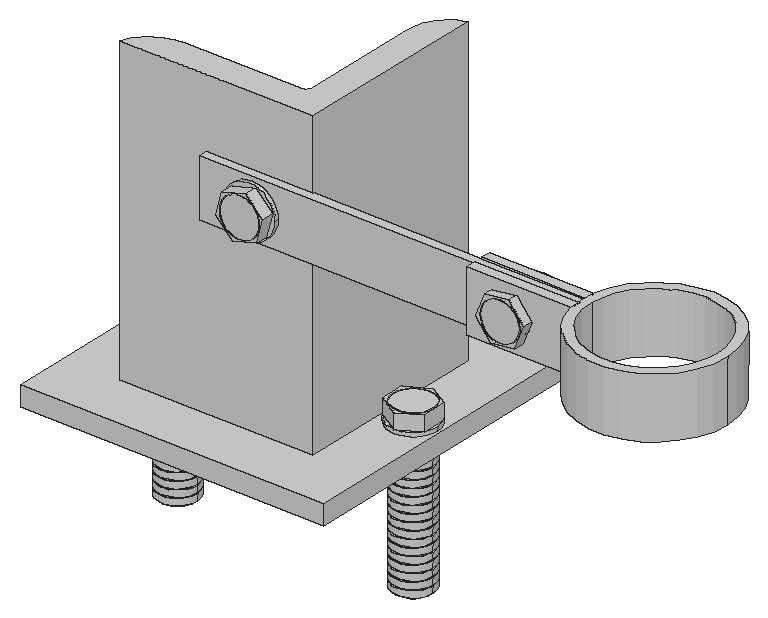
Revit family "FIXAÇÃO TIPO B1  - TUBULAÇÃO DE ENTRADA DO AFLUENTE - PEAD", category Modelos genéricos, Revit 2020
Family settings
  Hospedeiro = Piso
  Pode hospedar o vergalhão = Não
  Cota do conector redondo = Usar raio
  Tipo de parte = Normal
  Sempre na vertical = Sim
  Corte com vazios quando carregada = Não
  Compartilhado = Não
  Ponto de cálculo do ambiente = Não
Parameters
  Raio do conector [instance] = 45 mm
  Material barra chata [instance] = Aço inox AISI 316
  Material Parafuso [instance] = Aço inox AISI 316
  I [instance] = 0.00°
  Elevação padrão = 0 mm
  CNST_PORCAS_2 [instance] = CNST_FIXAÇAO  # 2
  CNST_PORCAS_1 [instance] = CNST_CHUMBADORES  # 2
  CNST_GEN_7 [instance] = ""
  CNST_GEN_6 [instance] = "BARRA CHATA 1/4\" X 2\" X 405 mm"
  CNST_GEN_5 [instance] = "BARRA CHATA 1/2\" X 2\" X 250 mm"
  CNST_GEN_4 [instance] = "CANTONEIRA ABAS IGUAIS 5\" X 3/4\" X 187mm"
  CNST_GEN_3 [instance] = "BARRA LISA 1/2\" x 200 x 200"
  CNST_GEN_2 [instance] = "M8 X 45 + PORCA E ARRUELA LISA M25 - 2 PARES POR SUPORTE"
  CNST_GEN_1 [instance] = "M8 X 110 + PORCA E ARRUELA LISA - 2 PARES POR SUPORTE"
  CNST_FIXAÇAO [instance] = 2
  CNST_CHUMBADORES [instance] = 2
  CNST_ARRUELAS_2 [instance] = 2 * CNST_FIXAÇAO  # 4
  CNST_ARRUELAS_1 [instance] = CNST_CHUMBADORES  # 2
  C1 [instance] = 250 mm
Reference planes
  plane 1 "Centro (Frente/Trás)": y = 0
  plane 2: z = 0
  plane 3 "Centro (Esquerda/Direita)": x = 0
  plane 4: z = 148.606
Forms (mm)
  Extrusion 1, solid, material "Aço inox AISI 316" <- "Material barra chata"
    sketch origin (44.147, 55.975, 0) x (1, 0, 0) y (0, 1, 0)
      loop
        line (-144.147, 47.577) -> (-144.147, -152.423) -> (55.853, -152.423) -> (55.853, 47.577) -> (-144.147, 47.577)
    from 0 to 12.7
  Extrusion 2, solid, material "Aço inox AISI 316" <- "Material barra chata"
    sketch origin (13.548, 3.352, 0) x (-1, 0, 0) y (0, -1, 0)
      loop
        line (77, 63.3) -> (-50, 63.3) -> (-50, -63.7)
        arc (-50, -63.7) -> (-36.226, -53.208) -> (-31, -36.7) r 28.684
        line (-31, -36.7) -> (-31, 41.2)
        arc (-31, 41.2) -> (-30.092, 43.392) -> (-27.9, 44.3) r 3.1
        line (-27.9, 44.3) -> (50, 44.3)
        arc (50, 44.3) -> (66.508, 49.526) -> (77, 63.3) r 28.684
    from 12.7 to 212.7
  Extrusion 3, solid, material "Aço inox AISI 316" <- "Material barra chata"
    sketch origin (-6.167, -66.273, 148.606) x (1, 0, 0) y (0, 0, 1)
      loop
        line (250, 19.932) -> (180.894, 19.932) -> (180.894, -20.043) -> (250, -20.043) -> (250, 19.932)
    from 0 to 6.4
  Extrusion 4, solid, material "Aço inox AISI 316" <- "Material barra chata"
    sketch origin (-6.167, -59.873, 167.506) x (1, 0, 0) y (0, 0, -1)
      loop
        line (250, -1.032) -> (250, 38.943) -> (180.894, 38.943) -> (180.894, -1.032) -> (250, -1.032)
    from 0 to 6.4
  Sweep 5, solid, material "Aço inox AISI 316" <- "Material barra chata"
    path origin (-6.928, -63.073, 167.506) x (1, 0, 0) y (0, 1, 0)
      loop
        circle (297.939, -0.075) r 45
    profile origin (291.011, -18.148, 167.506) x (0, -1, 0) y (0, 0, 1)
      loop
        line (0, 1.482) -> (-3.2, 1.482) -> (-3.2, -38.518) -> (3.2, -38.518) -> (3.2, 1.482) -> (0, 1.482)
  Extrusion 6, solid, material "Aço inox AISI 316" <- "Material Parafuso"
    sketch origin (-6.167, -66.273, 148.606) x (1, 0, 0) y (0, 0, 1)
      loop
        circle (34.617, -0.543) r 13
    from -42.735 to 10.5
  Extrusion 7, solid, material "Aço inox AISI 316" <- "Material Parafuso"
    sketch origin (-6.167, -66.273, 148.606) x (1, 0, 0) y (0, 0, 1)
      loop
        line (38.759, 14.911) -> (23.304, 10.77) -> (19.163, -4.685) -> (30.476, -15.998) -> (45.931, -11.857) -> (50.072, 3.598) -> (38.759, 14.911)
      loop
        circle (34.617, -0.543) r 13
    from 2.538 to 10.5
  Extrusion 8, solid, material "Aço inox AISI 316" <- "Material Parafuso"
    sketch origin (0, 0, 0) x (1, 0, 0) y (0, 1, 0)
      loop
        circle (81.473, 0) r 13
    from -85 to 25
  Extrusion 9, solid, material "Aço inox AISI 316" <- "Material Parafuso"
    sketch origin (0, 0, 0) x (1, 0, 0) y (0, 1, 0)
      loop
        line (81.473, 16) -> (67.617, 8) -> (67.617, -8) -> (81.473, -16) -> (95.329, -8) -> (95.329, 8) -> (81.473, 16)
      loop
        circle (81.473, 0) r 13
    from 15 to 25
  Extrusion 10, void
    sketch origin (0, 0, 0) x (1, 0, 0) y (0, 1, 0)
      loop
        circle (81.473, 0) r 13
      loop
        circle (81.473, 0) r 12.029
    from -85 to -84
  Extrusion 11, void
    sketch origin (0, 0, 5) x (1, 0, 0) y (0, 1, 0)
      loop
        circle (81.473, 0) r 13
      loop
        circle (81.473, 0) r 12.029
    from -85 to -84
  Extrusion 12, void
    sketch origin (0, 0, 10) x (1, 0, 0) y (0, 1, 0)
      loop
        circle (81.473, 0) r 13
      loop
        circle (81.473, 0) r 12.029
    from -85 to -84
  Extrusion 13, void
    sketch origin (0, 0, 15) x (1, 0, 0) y (0, 1, 0)
      loop
        circle (81.473, 0) r 13
      loop
        circle (81.473, 0) r 12.029
    from -85 to -84
  Extrusion 14, void
    sketch origin (0, 0, 20) x (1, 0, 0) y (0, 1, 0)
      loop
        circle (81.473, 0) r 13
      loop
        circle (81.473, 0) r 12.029
    from -85 to -84
  Extrusion 15, void
    sketch origin (0, 0, 25) x (1, 0, 0) y (0, 1, 0)
      loop
        circle (81.473, 0) r 13
      loop
        circle (81.473, 0) r 12.029
    from -85 to -84
  Extrusion 16, void
    sketch origin (0, 0, 30) x (1, 0, 0) y (0, 1, 0)
      loop
        circle (81.473, 0) r 13
      loop
        circle (81.473, 0) r 12.029
    from -85 to -84
  Extrusion 17, void
    sketch origin (0, 0, 35) x (1, 0, 0) y (0, 1, 0)
      loop
        circle (81.473, 0) r 13
      loop
        circle (81.473, 0) r 12.029
    from -85 to -84
  Extrusion 18, void
    sketch origin (0, 0, 40) x (1, 0, 0) y (0, 1, 0)
      loop
        circle (81.473, 0) r 13
      loop
        circle (81.473, 0) r 12.029
    from -85 to -84
  Extrusion 19, void
    sketch origin (0, 0, 45) x (1, 0, 0) y (0, 1, 0)
      loop
        circle (81.473, 0) r 13
      loop
        circle (81.473, 0) r 12.029
    from -85 to -84
  Extrusion 20, void
    sketch origin (0, 0, 50) x (1, 0, 0) y (0, 1, 0)
      loop
        circle (81.473, 0) r 13
      loop
        circle (81.473, 0) r 12.029
    from -85 to -84
  Extrusion 21, void
    sketch origin (0, 0, 55) x (1, 0, 0) y (0, 1, 0)
      loop
        circle (81.473, 0) r 13
      loop
        circle (81.473, 0) r 12.029
    from -85 to -84
  Extrusion 22, void
    sketch origin (0, 0, 60) x (1, 0, 0) y (0, 1, 0)
      loop
        circle (81.473, 0) r 13
      loop
        circle (81.473, 0) r 12.029
    from -85 to -84
  Extrusion 23, void
    sketch origin (0, 0, 65) x (1, 0, 0) y (0, 1, 0)
      loop
        circle (81.473, 0) r 13
      loop
        circle (81.473, 0) r 12.029
    from -85 to -84
  Extrusion 24, void
    sketch origin (0, 0, 70) x (1, 0, 0) y (0, 1, 0)
      loop
        circle (81.473, 0) r 13
      loop
        circle (81.473, 0) r 12.029
    from -85 to -84
  Extrusion 25, void
    sketch origin (0, 0, 75) x (1, 0, 0) y (0, 1, 0)
      loop
        circle (81.473, 0) r 13
      loop
        circle (81.473, 0) r 12.029
    from -85 to -84
  Extrusion 26, void
    sketch origin (0, 0, 80) x (1, 0, 0) y (0, 1, 0)
      loop
        circle (81.473, 0) r 13
      loop
        circle (81.473, 0) r 12.029
    from -85 to -84
  Extrusion 27, void
    sketch origin (0, 0, 85) x (1, 0, 0) y (0, 1, 0)
      loop
        circle (81.473, 0) r 13
      loop
        circle (81.473, 0) r 12.029
    from -85 to -84
  Extrusion 28, void
    sketch origin (0, 0, 90) x (1, 0, 0) y (0, 1, 0)
      loop
        circle (81.473, 0) r 13
      loop
        circle (81.473, 0) r 12.029
    from -85 to -84
  Extrusion 29, void
    sketch origin (0, 0, 95) x (1, 0, 0) y (0, 1, 0)
      loop
        circle (81.473, 0) r 13
      loop
        circle (81.473, 0) r 12.029
    from -85 to -84
  Extrusion 30, void
    sketch origin (0, 0, 100) x (1, 0, 0) y (0, 1, 0)
      loop
        circle (81.473, 0) r 13
      loop
        circle (81.473, 0) r 12.029
    from -85 to -84
  Extrusion 31, solid, material "Aço inox AISI 316" <- "Material Parafuso"
    sketch origin (-155, 0, 0) x (1, 0, 0) y (0, 1, 0)
      loop
        circle (81.473, 0) r 13
    from -85 to 25
  Extrusion 32, solid, material "Aço inox AISI 316" <- "Material Parafuso"
    sketch origin (-155, 0, 0) x (1, 0, 0) y (0, 1, 0)
      loop
        line (81.473, 16) -> (67.617, 8) -> (67.617, -8) -> (81.473, -16) -> (95.329, -8) -> (95.329, 8) -> (81.473, 16)
      loop
        circle (81.473, 0) r 13
    from 15 to 25
  Extrusion 33, void
    sketch origin (-155, 0, 0) x (1, 0, 0) y (0, 1, 0)
      loop
        circle (81.473, 0) r 13
      loop
        circle (81.473, 0) r 12.029
    from -85 to -84
  Extrusion 34, void
    sketch origin (-155, 0, 5) x (1, 0, 0) y (0, 1, 0)
      loop
        circle (81.473, 0) r 13
      loop
        circle (81.473, 0) r 12.029
    from -85 to -84
  Extrusion 35, void
    sketch origin (-155, 0, 10) x (1, 0, 0) y (0, 1, 0)
      loop
        circle (81.473, 0) r 13
      loop
        circle (81.473, 0) r 12.029
    from -85 to -84
  Extrusion 36, void
    sketch origin (-155, 0, 15) x (1, 0, 0) y (0, 1, 0)
      loop
        circle (81.473, 0) r 13
      loop
        circle (81.473, 0) r 12.029
    from -85 to -84
  Extrusion 37, void
    sketch origin (-155, 0, 20) x (1, 0, 0) y (0, 1, 0)
      loop
        circle (81.473, 0) r 13
      loop
        circle (81.473, 0) r 12.029
    from -85 to -84
  Extrusion 38, void
    sketch origin (-155, 0, 25) x (1, 0, 0) y (0, 1, 0)
      loop
        circle (81.473, 0) r 13
      loop
        circle (81.473, 0) r 12.029
    from -85 to -84
  Extrusion 39, void
    sketch origin (-155, 0, 30) x (1, 0, 0) y (0, 1, 0)
      loop
        circle (81.473, 0) r 13
      loop
        circle (81.473, 0) r 12.029
    from -85 to -84
  Extrusion 40, void
    sketch origin (-155, 0, 35) x (1, 0, 0) y (0, 1, 0)
      loop
        circle (81.473, 0) r 13
      loop
        circle (81.473, 0) r 12.029
    from -85 to -84
  Extrusion 41, void
    sketch origin (-155, 0, 40) x (1, 0, 0) y (0, 1, 0)
      loop
        circle (81.473, 0) r 13
      loop
        circle (81.473, 0) r 12.029
    from -85 to -84
  Extrusion 42, void
    sketch origin (-155, 0, 45) x (1, 0, 0) y (0, 1, 0)
      loop
        circle (81.473, 0) r 13
      loop
        circle (81.473, 0) r 12.029
    from -85 to -84
  Extrusion 43, void
    sketch origin (-155, 0, 50) x (1, 0, 0) y (0, 1, 0)
      loop
        circle (81.473, 0) r 13
      loop
        circle (81.473, 0) r 12.029
    from -85 to -84
  Extrusion 44, void
    sketch origin (-155, 0, 55) x (1, 0, 0) y (0, 1, 0)
      loop
        circle (81.473, 0) r 13
      loop
        circle (81.473, 0) r 12.029
    from -85 to -84
  Extrusion 45, void
    sketch origin (-155, 0, 60) x (1, 0, 0) y (0, 1, 0)
      loop
        circle (81.473, 0) r 13
      loop
        circle (81.473, 0) r 12.029
    from -85 to -84
  Extrusion 46, void
    sketch origin (-155, 0, 65) x (1, 0, 0) y (0, 1, 0)
      loop
        circle (81.473, 0) r 13
      loop
        circle (81.473, 0) r 12.029
    from -85 to -84
  Extrusion 47, void
    sketch origin (-155, 0, 70) x (1, 0, 0) y (0, 1, 0)
      loop
        circle (81.473, 0) r 13
      loop
        circle (81.473, 0) r 12.029
    from -85 to -84
  Extrusion 48, void
    sketch origin (-155, 0, 75) x (1, 0, 0) y (0, 1, 0)
      loop
        circle (81.473, 0) r 13
      loop
        circle (81.473, 0) r 12.029
    from -85 to -84
  Extrusion 49, void
    sketch origin (-155, 0, 80) x (1, 0, 0) y (0, 1, 0)
      loop
        circle (81.473, 0) r 13
      loop
        circle (81.473, 0) r 12.029
    from -85 to -84
  Extrusion 50, void
    sketch origin (-155, 0, 85) x (1, 0, 0) y (0, 1, 0)
      loop
        circle (81.473, 0) r 13
      loop
        circle (81.473, 0) r 12.029
    from -85 to -84
  Extrusion 51, void
    sketch origin (-155, 0, 90) x (1, 0, 0) y (0, 1, 0)
      loop
        circle (81.473, 0) r 13
      loop
        circle (81.473, 0) r 12.029
    from -85 to -84
  Extrusion 52, void
    sketch origin (-155, 0, 95) x (1, 0, 0) y (0, 1, 0)
      loop
        circle (81.473, 0) r 13
      loop
        circle (81.473, 0) r 12.029
    from -85 to -84
  Extrusion 53, void
    sketch origin (-155, 0, 100) x (1, 0, 0) y (0, 1, 0)
      loop
        circle (81.473, 0) r 13
      loop
        circle (81.473, 0) r 12.029
    from -85 to -84
  Extrusion 54, solid, material "Aço inox AISI 316" <- "Material Parafuso"
    sketch origin (-155, 0, 24.375) x (1, 0, 0) y (0, 1, 0)
      loop
        circle (81.473, 0) r 16
      loop
        circle (81.473, 0) r 13
    from -11.675 to -9.065
  Extrusion 55, solid, material "Aço inox AISI 316" <- "Material Parafuso"
    sketch origin (-0.001, 0.009, 24.141) x (1, 0, 0) y (0, 1, 0)
      loop
        circle (81.473, 0) r 16
      loop
        circle (81.473, 0) r 13
    from -11.5 to -9.008
  Extrusion 56, solid, material "Aço inox AISI 316" <- "Material Parafuso"
    sketch origin (-6.167, -66.273, 148.606) x (1, 0, 0) y (0, 0, 1)
      loop
        circle (34.595, -0.654) r 16.995
      loop
        circle (34.595, -0.654) r 13.425
    from 0 to 2.538
  Extrusion 57, solid, material "Aço inox AISI 316" <- "Material Parafuso"
    sketch origin (-6.167, -59.873, 167.506) x (1, 0, 0) y (0, 0, -1)
      loop
        line (38.759, 3.989) -> (50.072, 15.302) -> (45.931, 30.757) -> (30.476, 34.898) -> (19.163, 23.585) -> (23.304, 8.13) -> (38.759, 3.989)
      loop
        circle (34.617, 19.443) r 13
    from 21.4 to 31.4
  Extrusion 58, solid, material "Aço inox AISI 316" <- "Material Parafuso"
    sketch origin (-6.167, -59.873, 167.506) x (1, 0, 0) y (0, 0, -1)
      loop
        circle (34.514, 19.856) r 16.995
      loop
        circle (34.514, 19.856) r 13.425
    from 18.925 to 21.4
  Extrusion 59, solid, material "Aço inox AISI 316" <- "Material Parafuso"
    sketch origin (-6.167, -66.273, 148.606) x (1, 0, 0) y (0, 0, 1)
      loop
        circle (207.886, -0.128) r 13
    from -23.481 to 12.788
  Extrusion 60, solid, material "Aço inox AISI 316" <- "Material Parafuso"
    sketch origin (-6.167, -66.273, 148.606) x (1, 0, 0) y (0, 0, 1)
      loop
        line (213.879, 14.707) -> (198.035, 12.48) -> (192.041, -2.355) -> (201.892, -14.963) -> (217.736, -12.736) -> (223.73, 2.099) -> (213.879, 14.707)
      loop
        circle (207.886, -0.128) r 13
    from 2.773 to 12.788
  Extrusion 61, solid, material "Aço inox AISI 316" <- "Material Parafuso"
    sketch origin (-6.167, -66.273, 148.606) x (1, 0, 0) y (0, 0, 1)
      loop
        circle (207.733, -0.525) r 16.995
      loop
        circle (207.733, -0.525) r 13.425
    from 0 to 2.773
  Extrusion 62, solid, material "Aço inox AISI 316" <- "Material Parafuso"
    sketch origin (-6.167, -59.873, 167.506) x (1, 0, 0) y (0, 0, -1)
      loop
        line (213.733, 4.556) -> (223.583, 17.164) -> (217.59, 31.999) -> (201.745, 34.226) -> (191.895, 21.617) -> (197.889, 6.783) -> (213.733, 4.556)
      loop
        circle (207.739, 19.391) r 13
    from 2.5 to 12.5
  Extrusion 63, solid, material "Aço inox AISI 316" <- "Material Parafuso"
    sketch origin (-6.167, -59.873, 167.506) x (1, 0, 0) y (0, 0, -1)
      loop
        circle (207.583, 19.797) r 16.995
      loop
        circle (207.583, 19.797) r 13.425
    from 0 to 2.5
  Sweep 64, solid, material "Aço inox AISI 316" <- "Material barra chata"
    path origin (-62.827, -59.948, 0.312) x (1, 0, 0) y (0, 0, 1)
      loop
        line (56.66, 148.294) -> (306.66, 148.294)
    profile origin (118.833, -59.948, 148.606) x (0, 0, 1) y (0, -1, 0)
      loop
        line (0, 6.325) -> (-18.9, 6.325) -> (-18.9, -0.075) -> (18.9, -0.075) -> (18.9, 3.125) -> (18.9, 6.325) -> (0, 6.325)
Cuts and joins
  Extrusion 10, Extrusion 27, Extrusion 28, Extrusion 29, Extrusion 50, Extrusion 51, Extrusion 52 cuts Extrusion 1
  Extrusion 10, Extrusion 11, Extrusion 12, Extrusion 13, Extrusion 14, Extrusion 15, Extrusion 16, Extrusion 17, Extrusion 18, Extrusion 19, Extrusion 20, Extrusion 21, Extrusion 22, Extrusion 23, Extrusion 24, Extrusion 25, Extrusion 26, Extrusion 27, Extrusion 28, Extrusion 29, Extrusion 30, Extrusion 33, Extrusion 34, Extrusion 35, Extrusion 36, Extrusion 37, Extrusion 38, Extrusion 39, Extrusion 40, Extrusion 41, Extrusion 42, Extrusion 43, Extrusion 44, Extrusion 45, Extrusion 46, Extrusion 47, Extrusion 48, Extrusion 49, Extrusion 50, Extrusion 51, Extrusion 52, Extrusion 53 cuts Extrusion 8
  Extrusion 10, Extrusion 30, Extrusion 53 cuts Extrusion 9
  Extrusion 33, Extrusion 34, Extrusion 35, Extrusion 36, Extrusion 37, Extrusion 38, Extrusion 39, Extrusion 40, Extrusion 41, Extrusion 42, Extrusion 43, Extrusion 44, Extrusion 45, Extrusion 46, Extrusion 47, Extrusion 48, Extrusion 49 cuts Extrusion 31
  Extrusion 53 cuts Extrusion 32
  joined: Sweep 5, Sweep 64
Lines and regions (mm)
  reference lines
    curve 1: line (-30, -59.948, 0) -> (-30, -96.448, 0)
    curve 2: line (63.548, 67.052, 0) -> (63.548, 103.552, 0)
    curve 3: line (81.473, 13, 0) -> (81.473, -13, 0)
    curve 4: line (68.473, 0, 0) -> (94.473, 0, 0)
Dimensions and locks
  "C1": Sweep 64 sketch curve to Sweep 64 sketch curve
  "I": angle plane 4 to Sweep 64 sketch curve
  aligned and locked: level to plane 2
  aligned and locked: plane 4 to Sweep 64 sketch curve
Automatic sketch dimensions
  Extrusion 1 sketch curve to plane 3 "Centro (Esquerda/Direita)" = 100 mm
  plane 3 "Centro (Esquerda/Direita)" to Extrusion 1 sketch curve = 100 mm
  plane 1 "Centro (Frente/Trás)" to Extrusion 1 sketch curve = 96.448 mm
  Extrusion 1 sketch curve to plane 1 "Centro (Frente/Trás)" = 103.552 mm
  plane 1 "Centro (Frente/Trás)" to curve 4 = 0 mm
  curve 1 to plane 3 "Centro (Esquerda/Direita)" = 30 mm
  plane 3 "Centro (Esquerda/Direita)" to curve 2 = 63.548 mm
  curve 2 to curve 4 = 4.925 mm
  curve 4 to curve 3 = 13 mm
  curve 3 to curve 4 = 13 mm
  plane 1 "Centro (Frente/Trás)" to curve 3 = 13 mm
  plane 1 "Centro (Frente/Trás)" to curve 1 = 59.948 mm
  curve 1 to curve 1 = 36.5 mm
  curve 3 to plane 1 "Centro (Frente/Trás)" = 13 mm
  curve 3 to curve 2 = 54.052 mm
  curve 2 to curve 2 = 36.5 mm
  Extrusion 2 sketch curve to plane 3 "Centro (Esquerda/Direita)" = 73.232 mm
  Extrusion 2 sketch curve to Extrusion 2 sketch curve = 9.684 mm
  Extrusion 2 sketch curve to Extrusion 2 sketch curve = 19 mm
  Extrusion 2 sketch curve to Extrusion 2 sketch curve = 3.1 mm
  plane 3 "Centro (Esquerda/Direita)" to Extrusion 2 sketch curve = 36.452 mm
  Extrusion 2 sketch curve to Extrusion 2 sketch curve = 27 mm
  Extrusion 2 sketch curve to plane 1 "Centro (Frente/Trás)" = 69.632 mm
  Extrusion 2 sketch curve to plane 1 "Centro (Frente/Trás)" = 59.948 mm
  plane 1 "Centro (Frente/Trás)" to Extrusion 2 sketch curve = 40.052 mm
  Sweep 5 sketch curve to profile plane = 0 mm
  profile plane to Sweep 5 sketch curve = 3.2 mm
  Sweep 5 sketch curve to profile plane = 3.2 mm
  Sweep 5 sketch curve to profile plane = 38.518 mm
  profile plane to Sweep 5 sketch curve = 1.482 mm
  plane 1 "Centro (Frente/Trás)" to Extrusion 8 sketch curve = 0 mm
  plane 3 "Centro (Esquerda/Direita)" to Extrusion 8 sketch curve = 81.473 mm
  plane 1 "Centro (Frente/Trás)" to Extrusion 9 sketch curve = 0 mm
  Extrusion 9 sketch curve to plane 1 "Centro (Frente/Trás)" = 8 mm  (x2)
  plane 3 "Centro (Esquerda/Direita)" to Extrusion 9 sketch curve = 67.617 mm
  Extrusion 9 sketch curve to plane 1 "Centro (Frente/Trás)" = 16 mm
  Extrusion 9 sketch curve to Extrusion 9 sketch curve = 13.856 mm  (x3)
  plane 1 "Centro (Frente/Trás)" to Extrusion 9 sketch curve = 16 mm
  Extrusion 9 sketch curve to Extrusion 9 sketch curve = 0 mm
  plane 1 "Centro (Frente/Trás)" to Extrusion 9 sketch curve = 8 mm  (x2)
  plane 1 "Centro (Frente/Trás)" to Extrusion 31 sketch curve = 0 mm
  Extrusion 31 sketch curve to plane 3 "Centro (Esquerda/Direita)" = 73.527 mm
  plane 1 "Centro (Frente/Trás)" to Extrusion 32 sketch curve = 0 mm
  Extrusion 32 sketch curve to plane 1 "Centro (Frente/Trás)" = 8 mm  (x2)
  Extrusion 32 sketch curve to plane 3 "Centro (Esquerda/Direita)" = 87.383 mm
  Extrusion 32 sketch curve to plane 1 "Centro (Frente/Trás)" = 16 mm
  Extrusion 32 sketch curve to Extrusion 32 sketch curve = 13.856 mm  (x3)
  plane 1 "Centro (Frente/Trás)" to Extrusion 32 sketch curve = 16 mm
  Extrusion 32 sketch curve to Extrusion 32 sketch curve = 0 mm
  plane 1 "Centro (Frente/Trás)" to Extrusion 32 sketch curve = 8 mm  (x2)
  Extrusion 33 sketch curve to Extrusion 33 sketch curve = 0 mm  (x2)
  plane 1 "Centro (Frente/Trás)" to Extrusion 33 sketch curve = 0 mm
  Extrusion 33 sketch curve to plane 3 "Centro (Esquerda/Direita)" = 73.527 mm
  Extrusion 34 sketch curve to Extrusion 34 sketch curve = 0 mm  (x2)
  plane 1 "Centro (Frente/Trás)" to Extrusion 34 sketch curve = 0 mm
  Extrusion 34 sketch curve to plane 3 "Centro (Esquerda/Direita)" = 73.527 mm
  Extrusion 35 sketch curve to Extrusion 35 sketch curve = 0 mm  (x2)
  plane 1 "Centro (Frente/Trás)" to Extrusion 35 sketch curve = 0 mm
  Extrusion 35 sketch curve to plane 3 "Centro (Esquerda/Direita)" = 73.527 mm
  Extrusion 36 sketch curve to Extrusion 36 sketch curve = 0 mm  (x2)
  plane 1 "Centro (Frente/Trás)" to Extrusion 36 sketch curve = 0 mm
  Extrusion 36 sketch curve to plane 3 "Centro (Esquerda/Direita)" = 73.527 mm
  Extrusion 37 sketch curve to Extrusion 37 sketch curve = 0 mm  (x2)
  plane 1 "Centro (Frente/Trás)" to Extrusion 37 sketch curve = 0 mm
  Extrusion 37 sketch curve to plane 3 "Centro (Esquerda/Direita)" = 73.527 mm
  Extrusion 38 sketch curve to Extrusion 38 sketch curve = 0 mm  (x2)
  plane 1 "Centro (Frente/Trás)" to Extrusion 38 sketch curve = 0 mm
  Extrusion 38 sketch curve to plane 3 "Centro (Esquerda/Direita)" = 73.527 mm
  Extrusion 39 sketch curve to Extrusion 39 sketch curve = 0 mm  (x2)
  plane 1 "Centro (Frente/Trás)" to Extrusion 39 sketch curve = 0 mm
  Extrusion 39 sketch curve to plane 3 "Centro (Esquerda/Direita)" = 73.527 mm
  Extrusion 40 sketch curve to Extrusion 40 sketch curve = 0 mm  (x2)
  plane 1 "Centro (Frente/Trás)" to Extrusion 40 sketch curve = 0 mm
  Extrusion 40 sketch curve to plane 3 "Centro (Esquerda/Direita)" = 73.527 mm
  Extrusion 41 sketch curve to Extrusion 41 sketch curve = 0 mm  (x2)
  plane 1 "Centro (Frente/Trás)" to Extrusion 41 sketch curve = 0 mm
  Extrusion 41 sketch curve to plane 3 "Centro (Esquerda/Direita)" = 73.527 mm
  Extrusion 42 sketch curve to Extrusion 42 sketch curve = 0 mm  (x2)
  plane 1 "Centro (Frente/Trás)" to Extrusion 42 sketch curve = 0 mm
  Extrusion 42 sketch curve to plane 3 "Centro (Esquerda/Direita)" = 73.527 mm
  Extrusion 43 sketch curve to Extrusion 43 sketch curve = 0 mm  (x2)
  plane 1 "Centro (Frente/Trás)" to Extrusion 43 sketch curve = 0 mm
  Extrusion 43 sketch curve to plane 3 "Centro (Esquerda/Direita)" = 73.527 mm
  Extrusion 44 sketch curve to Extrusion 44 sketch curve = 0 mm  (x2)
  plane 1 "Centro (Frente/Trás)" to Extrusion 44 sketch curve = 0 mm
  Extrusion 44 sketch curve to plane 3 "Centro (Esquerda/Direita)" = 73.527 mm
  Extrusion 45 sketch curve to Extrusion 45 sketch curve = 0 mm  (x2)
  plane 1 "Centro (Frente/Trás)" to Extrusion 45 sketch curve = 0 mm
  Extrusion 45 sketch curve to plane 3 "Centro (Esquerda/Direita)" = 73.527 mm
  Extrusion 46 sketch curve to Extrusion 46 sketch curve = 0 mm  (x2)
  plane 1 "Centro (Frente/Trás)" to Extrusion 46 sketch curve = 0 mm
  Extrusion 46 sketch curve to plane 3 "Centro (Esquerda/Direita)" = 73.527 mm
  Extrusion 47 sketch curve to Extrusion 47 sketch curve = 0 mm  (x2)
  plane 1 "Centro (Frente/Trás)" to Extrusion 47 sketch curve = 0 mm
  Extrusion 47 sketch curve to plane 3 "Centro (Esquerda/Direita)" = 73.527 mm
  Extrusion 48 sketch curve to Extrusion 48 sketch curve = 0 mm  (x2)
  plane 1 "Centro (Frente/Trás)" to Extrusion 48 sketch curve = 0 mm
  Extrusion 48 sketch curve to plane 3 "Centro (Esquerda/Direita)" = 73.527 mm
  Extrusion 49 sketch curve to Extrusion 49 sketch curve = 0 mm  (x2)
  plane 1 "Centro (Frente/Trás)" to Extrusion 49 sketch curve = 0 mm
  Extrusion 49 sketch curve to plane 3 "Centro (Esquerda/Direita)" = 73.527 mm
  Extrusion 50 sketch curve to Extrusion 50 sketch curve = 0 mm  (x2)
  plane 1 "Centro (Frente/Trás)" to Extrusion 50 sketch curve = 0 mm
  Extrusion 50 sketch curve to plane 3 "Centro (Esquerda/Direita)" = 73.527 mm
  Extrusion 51 sketch curve to Extrusion 51 sketch curve = 0 mm  (x2)
  plane 1 "Centro (Frente/Trás)" to Extrusion 51 sketch curve = 0 mm
  Extrusion 51 sketch curve to plane 3 "Centro (Esquerda/Direita)" = 73.527 mm
  Extrusion 52 sketch curve to Extrusion 52 sketch curve = 0 mm  (x2)
  plane 1 "Centro (Frente/Trás)" to Extrusion 52 sketch curve = 0 mm
  Extrusion 52 sketch curve to plane 3 "Centro (Esquerda/Direita)" = 73.527 mm
  Extrusion 53 sketch curve to Extrusion 53 sketch curve = 0 mm  (x2)
  plane 1 "Centro (Frente/Trás)" to Extrusion 53 sketch curve = 0 mm
  Extrusion 53 sketch curve to plane 3 "Centro (Esquerda/Direita)" = 73.527 mm
  Extrusion 54 sketch curve to Extrusion 54 sketch curve = 0 mm  (x2)
  plane 1 "Centro (Frente/Trás)" to Extrusion 54 sketch curve = 0 mm
  Extrusion 54 sketch curve to plane 3 "Centro (Esquerda/Direita)" = 73.527 mm
  Extrusion 55 sketch curve to Extrusion 55 sketch curve = 0 mm  (x2)
  Extrusion 55 sketch curve to plane 1 "Centro (Frente/Trás)" = 0.009 mm
  plane 3 "Centro (Esquerda/Direita)" to Extrusion 55 sketch curve = 81.472 mm
  Sweep 64 sketch curve to profile plane = 0 mm
  profile plane to Sweep 64 sketch curve = 3.125 mm
  profile plane to Sweep 64 sketch curve = 6.325 mm
  Sweep 64 sketch curve to Sweep 64 sketch curve = 18.9 mm
  Sweep 64 sketch curve to profile plane = 18.9 mm
  Sweep 64 sketch curve to profile plane = 0.075 mm
  Sweep 64 to Extrusion 3 sketch curve = 1.032 mm
  Sweep 64 to Extrusion 3 sketch curve = 69.106 mm
  Sweep 64 to Extrusion 3 sketch curve = 1.143 mm
  Extrusion 3 sketch curve to Sweep 64 = 0 mm
  Extrusion 4 sketch curve to Sweep 64 = 1.032 mm
  Sweep 64 to Extrusion 4 sketch curve = 69.106 mm
  Sweep 64 to Extrusion 4 sketch curve = 1.143 mm
  Sweep 64 to Extrusion 4 sketch curve = 0 mm
  Extrusion 61 sketch curve to Extrusion 61 sketch curve = 0 mm  (x2)
  Extrusion 61 sketch curve to Sweep 64 = 18.375 mm
  Sweep 64 to Extrusion 61 sketch curve = 42.267 mm
  Extrusion 60 sketch curve to Sweep 64 = 16.545 mm
  Sweep 64 to Extrusion 60 sketch curve = 57.959 mm
  Extrusion 60 sketch curve to Sweep 64 = 6.42 mm
  Extrusion 60 sketch curve to Extrusion 60 sketch curve = 5.994 mm  (x2)
  Extrusion 60 sketch curve to Sweep 64 = 3.937 mm
  Extrusion 60 sketch curve to Extrusion 60 sketch curve = 9.851 mm  (x3)
  Extrusion 60 sketch curve to Sweep 64 = 4.193 mm
  Extrusion 60 sketch curve to Sweep 64 = 6.164 mm
  Extrusion 60 sketch curve to Extrusion 60 sketch curve = 15.844 mm
  Extrusion 60 sketch curve to Extrusion 60 sketch curve = 12.608 mm  (x2)
  Extrusion 63 sketch curve to Extrusion 63 sketch curve = 0 mm  (x2)
  Extrusion 63 sketch curve to Sweep 64 = 18.003 mm
  Sweep 64 to Extrusion 63 sketch curve = 42.417 mm
  Extrusion 62 sketch curve to Sweep 64 = 16.183 mm
  Sweep 64 to Extrusion 62 sketch curve = 58.105 mm
  Sweep 64 to Extrusion 62 sketch curve = 6.783 mm
  Extrusion 62 sketch curve to Extrusion 62 sketch curve = 5.994 mm  (x2)
  Extrusion 62 sketch curve to Sweep 64 = 3.574 mm
  Extrusion 62 sketch curve to Extrusion 62 sketch curve = 9.851 mm  (x3)
  Sweep 64 to Extrusion 62 sketch curve = 4.556 mm
  Extrusion 62 sketch curve to Sweep 64 = 5.801 mm
  Extrusion 62 sketch curve to Extrusion 62 sketch curve = 15.844 mm
  Extrusion 62 sketch curve to Extrusion 62 sketch curve = 12.608 mm  (x2)
  Extrusion 59 sketch curve to Sweep 64 = 18.772 mm
  Sweep 64 to Extrusion 59 sketch curve = 42.114 mm
  Sweep 64 to Extrusion 7 sketch curve = 19.163 mm
  Extrusion 7 sketch curve to Sweep 64 = 8.13 mm
  Extrusion 7 sketch curve to Extrusion 7 sketch curve = 4.141 mm  (x2)
  Extrusion 7 sketch curve to Sweep 64 = 2.902 mm
  Extrusion 7 sketch curve to Extrusion 7 sketch curve = 11.314 mm  (x4)
  Extrusion 7 sketch curve to Sweep 64 = 3.989 mm
  Extrusion 7 sketch curve to Sweep 64 = 7.043 mm
  Extrusion 7 sketch curve to Extrusion 7 sketch curve = 15.455 mm
  Extrusion 7 sketch curve to Sweep 64 = 15.302 mm
  Extrusion 7 sketch curve to Sweep 64 = 14.215 mm
  Sweep 64 to Extrusion 6 sketch curve = 34.617 mm
  Extrusion 6 sketch curve to Sweep 64 = 18.357 mm
  Extrusion 56 sketch curve to Extrusion 56 sketch curve = 0 mm  (x2)
  Sweep 64 to Extrusion 56 sketch curve = 34.595 mm
  Extrusion 56 sketch curve to Sweep 64 = 18.246 mm
  Extrusion 58 sketch curve to Extrusion 58 sketch curve = 0 mm  (x2)
  Sweep 64 to Extrusion 58 sketch curve = 34.514 mm
  Extrusion 58 sketch curve to Sweep 64 = 17.944 mm
  Sweep 64 to Extrusion 57 sketch curve = 19.163 mm
  Sweep 64 to Extrusion 57 sketch curve = 8.13 mm
  Extrusion 57 sketch curve to Extrusion 57 sketch curve = 4.141 mm  (x2)
  Extrusion 57 sketch curve to Sweep 64 = 2.902 mm
  Extrusion 57 sketch curve to Extrusion 57 sketch curve = 11.314 mm  (x4)
  Sweep 64 to Extrusion 57 sketch curve = 3.989 mm
  Extrusion 57 sketch curve to Sweep 64 = 7.043 mm
  Extrusion 57 sketch curve to Extrusion 57 sketch curve = 15.455 mm
  Sweep 64 to Extrusion 57 sketch curve = 15.302 mm
  Extrusion 57 sketch curve to Sweep 64 = 14.215 mm
  Sweep 64 to Sweep 5 sketch curve = 3.125 mm
  Sweep 5 sketch curve to Sweep 64 = 47.178 mm
  Sweep 64 sketch curve to Extrusion 2 = 57.285 mm
  radius of Extrusion 8 sketch curve = 13 mm
  radius of Extrusion 9 sketch curve = 13 mm
  radius of Extrusion 31 sketch curve = 13 mm
  radius of Extrusion 32 sketch curve = 13 mm
  radius of Extrusion 33 sketch curve = 13 mm
  radius of Extrusion 33 sketch curve = 12.029 mm
  radius of Extrusion 34 sketch curve = 13 mm
  radius of Extrusion 34 sketch curve = 12.029 mm
  radius of Extrusion 35 sketch curve = 13 mm
  radius of Extrusion 35 sketch curve = 12.029 mm
  radius of Extrusion 36 sketch curve = 13 mm
  radius of Extrusion 36 sketch curve = 12.029 mm
  radius of Extrusion 37 sketch curve = 13 mm
  radius of Extrusion 37 sketch curve = 12.029 mm
  radius of Extrusion 38 sketch curve = 13 mm
  radius of Extrusion 38 sketch curve = 12.029 mm
  radius of Extrusion 39 sketch curve = 13 mm
  radius of Extrusion 39 sketch curve = 12.029 mm
  radius of Extrusion 40 sketch curve = 13 mm
  radius of Extrusion 40 sketch curve = 12.029 mm
  radius of Extrusion 41 sketch curve = 13 mm
  radius of Extrusion 41 sketch curve = 12.029 mm
  radius of Extrusion 42 sketch curve = 13 mm
  radius of Extrusion 42 sketch curve = 12.029 mm
  radius of Extrusion 43 sketch curve = 13 mm
  radius of Extrusion 43 sketch curve = 12.029 mm
  radius of Extrusion 44 sketch curve = 13 mm
  radius of Extrusion 44 sketch curve = 12.029 mm
  radius of Extrusion 45 sketch curve = 13 mm
  radius of Extrusion 45 sketch curve = 12.029 mm
  radius of Extrusion 46 sketch curve = 13 mm
  radius of Extrusion 46 sketch curve = 12.029 mm
  radius of Extrusion 47 sketch curve = 13 mm
  radius of Extrusion 47 sketch curve = 12.029 mm
  radius of Extrusion 48 sketch curve = 13 mm
  radius of Extrusion 48 sketch curve = 12.029 mm
  radius of Extrusion 49 sketch curve = 13 mm
  radius of Extrusion 49 sketch curve = 12.029 mm
  radius of Extrusion 50 sketch curve = 13 mm
  radius of Extrusion 50 sketch curve = 12.029 mm
  radius of Extrusion 51 sketch curve = 13 mm
  radius of Extrusion 51 sketch curve = 12.029 mm
  radius of Extrusion 52 sketch curve = 13 mm
  radius of Extrusion 52 sketch curve = 12.029 mm
  radius of Extrusion 53 sketch curve = 13 mm
  radius of Extrusion 53 sketch curve = 12.029 mm
  radius of Extrusion 54 sketch curve = 16 mm
  radius of Extrusion 54 sketch curve = 13 mm
  radius of Extrusion 55 sketch curve = 16 mm
  radius of Extrusion 55 sketch curve = 13 mm
  radius of Extrusion 61 sketch curve = 16.995 mm
  radius of Extrusion 61 sketch curve = 13.425 mm
  radius of Extrusion 60 sketch curve = 13 mm
  radius of Extrusion 63 sketch curve = 16.995 mm
  radius of Extrusion 63 sketch curve = 13.425 mm
  radius of Extrusion 62 sketch curve = 13 mm
  radius of Extrusion 59 sketch curve = 13 mm
  radius of Extrusion 7 sketch curve = 13 mm
  radius of Extrusion 6 sketch curve = 13 mm
  radius of Extrusion 56 sketch curve = 16.995 mm
  radius of Extrusion 56 sketch curve = 13.425 mm
  radius of Extrusion 58 sketch curve = 16.995 mm
  radius of Extrusion 58 sketch curve = 13.425 mm
  radius of Extrusion 57 sketch curve = 13 mm
  radius of Sweep 5 sketch curve = 45 mm
Connectors
  piping at (291.011, -63.148, 168.989), diameter 90, driven by "Raio do conector"
    settings: on Sweep 5, index 1, connector inside diameter 609.6 mm, connector length 0 mm, flow factor 0, pipe flow 0.0 L/s, pressure drop 0.0 Pa, fitting loss kfactor 0, connector angle 0.00°, fixture units 0, engagement length 0 mm, angle of deflection 0.00°, flow configuration 0, flow direction 1, fitting loss method 0, system type 7, joint type 0, gender type 0, connector reference index -1, connector utility 0, adjustable connector no, is connector primary yes, connector description ""
